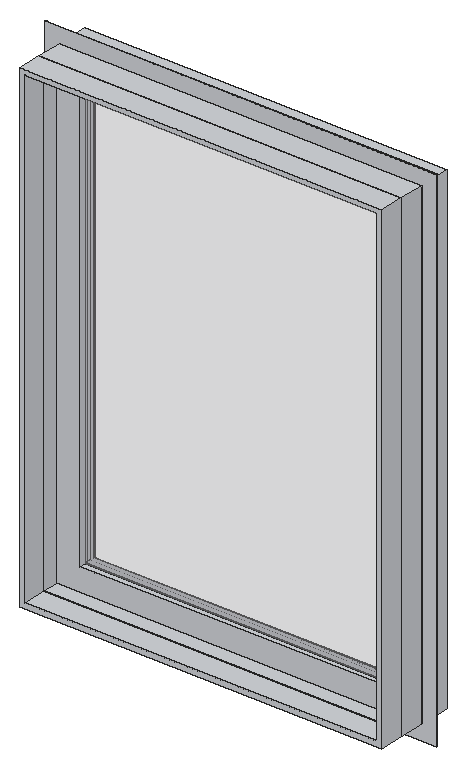
Revit family "G861_Casement_Inswing_Window-Peerless", category Windows, host Wall, Revit 2019
Family settings
  Host = Wall
  OmniClass Number = 23.30.20.00
  OmniClass Title = Windows
  Always vertical = Yes
  Cut with Voids When Loaded = No
  Shared = No
  Room Calculation Point = No
Parameters (values of type "G861 Casement Inswing 36" x 48"")
  Weight (lbs) = (((Height / 1.000") / 12) + ((Width / 1.000") / 12)) * 7  # 49
  Warranty URL = "https://smartbim-library-production.s3.amazonaws.com/manufacturers/cdf3d296-4637-4822-8528-4df1e33802a8/products/91469a85-94f5-45f9-a60f-24c51597249b/downloads/7dff4158-d18c-4702-a036-b93493c65adf/Sample%20Warranty.pdf"
  URL = "https://www.peerlessproducts.com/"
  Type Comments = ""
  Rough Width = Width + 0.250"  # 36.250"
  Rough Height = Height + 0.250"  # 48.250"
  Product Page URL = "https://peerlessproducts.concora.com/products/a3ab749e-200f-4b16-b99f-fdf4f7c0343b"
  Product Data Sheet URL = "https://www.peerlessproducts.com/Portals/0/PeerlessAssets/pdf/G800%20Tech%20Sheet.pdf"
  Model = "G861"  # constant formula
  Manufacturer Phone = "620-223-4610"  # constant formula
  Manufacturer Fax = "620-224-3107"  # constant formula
  Manufacturer Email = "slero@peerlessproducts.com"
  Manufacturer Address = "2403 S Main St, Fort Scott, KS 66701"  # constant formula
  Manufacturer = "Peerless Products, Inc"  # constant formula
  Height = 48.000"
  Frame Finish [instance] = none
  Description = "G861 is a casement inswing by fixed window used for low-rise wood buildings or single-family residences."  # constant formula
  Default Sill Height = 36.000"
  Wall Closure = By host
  Width = 36.000"
  Analytic Construction = "<None>"
  04 CSI = "08 50 00"  # constant formula
Reference planes (in)
  plane 1 "Center (Front/Back)": y = 0
  plane 2: z = 0
  plane 3 "Center (Left/Right)": x = 0
  plane 4 "Left": x = -18
  plane 5 "Right": x = 18
  plane 6 "Sill": z = 36
  plane 7 "Top": z = 84
Forms (in)
  Sweep 1, solid, material <- "Frame Finish"
    path origin (0, 0, 0) x (1, 0, 0) y (0, 0, 1)
      loop
        line (-18, 84) -> (-18, 36) -> (18, 36) -> (18, 84) -> (-18, 84)
    profile origin (0, 0, 84) x (0, 0, 1) y (0, -1, 0)
      loop
        line (1.5, -0.95893) -> (1.5, -0.89693) -> (0, -0.89693) -> (0, 1.62501) -> (-0.49998, 1.62501) -> (-0.50001, -0.06201) -> (-0.69388, -0.06201) -> (-0.69388, 0.27382) -> (-2.94383, 0.27382) -> (-2.94383, -0.32435) -> (-2.33603, -0.32435) -> (-2.33603, -1.32435) -> (-3.05523, -1.32435) -> (-3.05523, -1.35619)
        arc (-3.05523, -1.35619) -> (-3.00851, -1.38985) -> (-2.97892, -1.43924) r 0.14255
        line (-2.97892, -1.43924) -> (-2.94388, -1.43924) -> (-2.94388, -1.56521) -> (-1.91375, -1.56521) -> (-1.91375, -1.62501) -> (-1.78832, -1.62501) -> (-1.78832, -1.46446) -> (-1.62832, -1.46446) -> (-1.62832, -1.62501) -> (0, -1.62501) -> (0, -0.95893) -> (1.5, -0.95893)
  Extrusion 2, solid, material "Glass - Cardinal Glass - Peerless Products"
    sketch origin (0, 0, 0) x (1, 0, 0) y (0, 0, 1)
      loop
        line (-15.23083, 81.23083) -> (-15.23083, 38.76917) -> (15.23083, 38.76917) -> (15.23083, 81.23083) -> (-15.23083, 81.23083)
    from -1.32435 to -0.32435
  Sweep 3, solid, material <- "Frame Finish"
    path origin (-18, 1.62501, 84) x (1, 0, 0) y (0, 0, -1)
      loop
        line (36, 48) -> (0, 48) -> (0, 0) -> (36, 0) -> (36, 48)
    profile origin (0, 1.62501, 36) x (0, 0, 1) y (0, 1, 0)
      loop
        line (0, 0) -> (0.43544, 0) -> (0.25, 2.37499) -> (0, 2.37499) -> (0, 0)
  Sweep 4, solid, material <- "Frame Finish"
    path origin (-17.50002, -1.62501, 83.50002) x (1, 0, 0) y (0, 0, 1)
      loop
        line (-0.49998, -47.50002) -> (35.50002, -47.50002) -> (35.50002, 0.49998) -> (-0.49998, 0.49998) -> (-0.49998, -47.50002)
    profile origin (0, -1.62501, 36) x (0, 0, 1) y (0, -1, 0)
      loop
        line (0.49998, 0) -> (0.49994, 2.37499) -> (0, 2.37499) -> (0, 0) -> (0.49998, 0)
Lines and regions (in)
  Opening 1
    outline origin (-60, -4, 0) x (1, 0, 0) y (0, 0, 1)
      loop
        line (42, 84) -> (42, 36) -> (78, 36) -> (78, 84) -> (42, 84)
Text (in)
  text "EXTERIOR" at (-58.6888, 50.90694, 0), in view "Ref. Level"
  text "INTERIOR" at (-58.6888, -37.76638, 0), in view "Ref. Level"
  text "Exterior" at (0, 43.65631, 123.19604), in view "Left"
  text "Exterior" at (0, 18.29385, 125.04747), in view "Right"
Dimensions and locks (in)
  equal spacing: plane 4 "Left", plane 3 "Center (Left/Right)", plane 5 "Right"
  "Width": plane 4 "Left" to plane 5 "Right"
  "Height": plane 6 "Sill" to plane 7 "Top"
  "Default Sill Height": plane 2 to plane 6 "Sill"
  locked: Sweep 1 sketch curve to Sweep 1 sketch curve at 1.5
  locked: Sweep 3 sketch curve to Sweep 3 sketch curve at 0.25
  aligned and locked: plane 7 "Top" to Opening 1 sketch curve
  aligned and locked: plane 6 "Sill" to Opening 1 sketch curve  (x2)
  aligned and locked: plane 5 "Right" to Opening 1 sketch curve
  aligned and locked: plane 4 "Left" to Opening 1 sketch curve
  aligned and locked: level to plane 2
  aligned and locked: Extrusion 2 to Sweep 1  (x2)
  aligned and locked: Sweep 1 sketch curve to profile plane
  aligned and locked: profile plane to Sweep 1 sketch curve
  aligned and locked: Sweep 1 to Sweep 3 sketch curve
  aligned and locked: Sweep 3 sketch curve to host wall
  aligned and locked: Sweep 3 sketch curve to Sweep 1
  aligned and locked: Sweep 4 sketch curve to Sweep 1  (x2)
  aligned and locked: Sweep 1 to Sweep 4 sketch curve
  aligned and locked: host wall to Sweep 4 sketch curve
Automatic sketch dimensions
  plane 5 "Right" to Sweep 1 sketch curve = 0.000"
  Sweep 1 sketch curve to plane 6 "Sill" = 0.000"
  Sweep 1 sketch curve to plane 7 "Top" = 0.000"
  plane 4 "Left" to Sweep 1 sketch curve = 0.000"
  Extrusion 2 sketch curve to plane 4 "Left" = 2.76917"
  plane 7 "Top" to Extrusion 2 sketch curve = 2.76917"
  Extrusion 2 sketch curve to plane 6 "Sill" = 2.76917"
  plane 5 "Right" to Extrusion 2 sketch curve = 2.76917"
  Sweep 1 sketch curve to Sweep 1 sketch curve = 0.28543"
  Sweep 1 sketch curve to Sweep 1 sketch curve = 0.42228"
  Sweep 1 sketch curve to Sweep 1 sketch curve = 0.6078"
  Sweep 1 sketch curve to Sweep 1 sketch curve = 0.60785"
  Sweep 1 sketch curve to Sweep 1 sketch curve = 0.03504"
  Sweep 1 sketch curve to Sweep 1 sketch curve = 0.07631"
  Sweep 1 sketch curve to Sweep 1 sketch curve = 0.05825"
  Sweep 1 sketch curve to plane 1 "Center (Front/Back)" = 1.62501"
  Sweep 1 sketch curve to Sweep 1 sketch curve = 0.0598"
  Sweep 1 sketch curve to Sweep 1 sketch curve = 0.07892"
  Sweep 1 sketch curve to Sweep 1 sketch curve = 0.12597"
  Sweep 1 sketch curve to Sweep 1 sketch curve = 0.24086"
  Sweep 1 sketch curve to plane 1 "Center (Front/Back)" = 0.95893"
  Sweep 1 sketch curve to Sweep 1 sketch curve = 0.062"
  Sweep 1 sketch curve to plane 1 "Center (Front/Back)" = 0.32435"
  plane 1 "Center (Front/Back)" to Sweep 1 sketch curve = 1.62501"
  Sweep 1 sketch curve to Sweep 1 sketch curve = 0.12543"
  Sweep 1 sketch curve to Sweep 1 sketch curve = 0.16055"  (x2)
  Sweep 1 sketch curve to Sweep 1 sketch curve = 1.62832"
  Sweep 1 sketch curve to Sweep 1 sketch curve = 0.000"
  plane 1 "Center (Front/Back)" to Sweep 1 sketch curve = 0.27382"  (x2)
  Sweep 1 sketch curve to Sweep 1 sketch curve = 0.69388"
  Sweep 1 sketch curve to plane 1 "Center (Front/Back)" = 0.06201"
  Sweep 1 sketch curve to Sweep 1 sketch curve = 0.49998"
  Sweep 1 sketch curve to Sweep 1 sketch curve = 0.19387"
  Sweep 3 sketch curve to Sweep 1 = 0.000"  (x4)
  Sweep 3 sketch curve to Sweep 3 sketch curve = 0.43544"
  Sweep 4 sketch curve to Sweep 1 = 0.000"  (x3)
  Sweep 1 to Sweep 4 sketch curve = 0.000"
